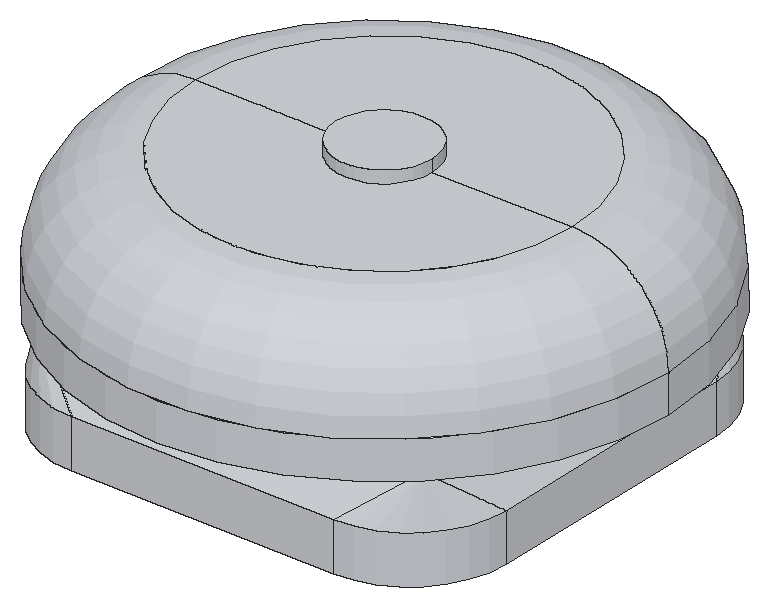
Revit family "66a965baec1447179909d6848453207c", category Communication Devices, host Face, Revit 2021
Family settings
  Host = Face
  Maintain Annotation Orientation = Yes
  Round Connector Dimension = Use Diameter
  Part Type = Normal
  OmniClass Number = 23.85.10.11.11.11
  OmniClass Title = Bells, Carillons, Single Units
  Seek Item ID = Bell-0000-USA-ENU
  Cut with Voids When Loaded = No
  Shared = No
  Room Calculation Point = No
Parameters (values of type "Standard")
  Bell Material = none
  Default Elevation = 4' - 0"
Reference planes (in)
  plane 1 "Center (Front/Back)": y = 0
  plane 2: z = 0
  plane 3 "Center (Left/Right)": x = 0
  plane 4: z = -1.79
  plane 5: z = 2.52
  plane 6: x = -2.955
  plane 7: x = 2.955
  plane 8: z = 1
  plane 9: z = 0.5
  plane 10: z = -1
Forms (in)
  Revolve 1, solid, material <- "Bell Material"
    sketch origin (0, 0, 0) x (1, 0, 0) y (0, 0, 1)
      loop
        arc (-1.955, 2.395) -> (-2.66211, 2.10211) -> (-2.955, 1.395) r 1
        line (-2.955, 1.395) -> (-2.955, 1) -> (0, 1) -> (0, 2.395) -> (-1.955, 2.395)
      axis (0, 2.395) -> (0, 1)
    angle from 0 to 360
  Extrusion 2, solid, material <- "Bell Material"
    sketch origin (0, 0, 0) x (1, 0, 0) y (0, 1, 0)
      loop
        arc (-1.36, 2.36) -> (-2.06711, 2.06711) -> (-2.36, 1.36) r 1
        line (-2.36, 1.36) -> (-2.36, -1.36)
        arc (-2.36, -1.36) -> (-2.06711, -2.06711) -> (-1.36, -2.36) r 1
        line (-1.36, -2.36) -> (1.36, -2.36)
        arc (1.36, -2.36) -> (2.06711, -2.06711) -> (2.36, -1.36) r 1
        line (2.36, -1.36) -> (2.36, 1.36)
        arc (2.36, 1.36) -> (2.06711, 2.06711) -> (1.36, 2.36) r 1
        line (1.36, 2.36) -> (-1.36, 2.36)
    from 0 to 0.5
  Blend 3, solid, material <- "Bell Material"
    base sketch origin (0, 0, 0) x (1, 0, 0) y (0, 1, 0)
      loop
        line (1.36, 2.36) -> (-1.36, 2.36)
        arc (-1.36, 2.36) -> (-2.06711, 2.06711) -> (-2.36, 1.36) r 1
        line (-2.36, 1.36) -> (-2.36, -1.36)
        arc (-2.36, -1.36) -> (-2.06711, -2.06711) -> (-1.36, -2.36) r 1
        line (-1.36, -2.36) -> (1.36, -2.36)
        arc (1.36, -2.36) -> (2.06711, -2.06711) -> (2.36, -1.36) r 1
        line (2.36, -1.36) -> (2.36, 1.36)
        arc (2.36, 1.36) -> (2.06711, 2.06711) -> (1.36, 2.36) r 1
    top sketch origin (0, 0, 0) x (1, 0, 0) y (0, 1, 0)
      loop
        line (-2, 2) -> (-2, -2) -> (2, -2) -> (2, 2) -> (-2, 2)
    from 0.5 to 1
  Extrusion 4, solid, material <- "Bell Material"
    sketch origin (0, 0, 0) x (1, 0, 0) y (0, 1, 0)
      loop
        circle (0, 0) r 0.5
    from 2.395 to 2.52
Cuts and joins
  joined: Revolve 1, Extrusion 2, Blend 3
Lines and regions (in)
  symbolic lines, detail levels fine
    curve 1: line (-2.955, 0, 1) -> (2.955, 0, 1)
    curve 2: line (-2.955, 0, 1.395) -> (-2.955, 0, 1)
    curve 3: line (-1.955, 0, 2.395) -> (1.955, 0, 2.395)
    curve 4: line (2.955, 0, 1.395) -> (2.955, 0, 1)
    curve 5: arc (-1.955, 0, 2.395) -> (-2.66211, 0, 2.10211) -> (-2.955, 0, 1.395) r 1
    curve 6: arc (1.955, 0, 2.395) -> (2.66211, 0, 2.10211) -> (2.955, 0, 1.395) r 1
    curve 7: line (-2.36, 0, 0) -> (2.36, 0, 0)
    curve 8: line (-0.5, 0, 2.52) -> (0.5, 0, 2.52)
    curve 9: line (0.5, 0, 2.52) -> (0.5, 0, 2.395)
    curve 10: line (-0.5, 0, 2.52) -> (-0.5, 0, 2.395)
    curve 11: line (-2.36, 0, 0) -> (2.36, 0, 0)
    curve 12: line (-2.36, 0, 0.5) -> (2.36, 0, 0.5)
    curve 13: line (-2.36, 0, 0.5) -> (-2.36, 0, 0)
    curve 14: line (2.36, 0, 0.5) -> (2.36, 0, 0)
    curve 15: line (2.36, 0, 0.5) -> (2, 0, 1)
    curve 16: line (-2, 0, 1) -> (-2.36, 0, 0.5)
Dimensions and locks (in)
  locked: plane 5 to plane 2 at 2.52
  locked: plane 2 to plane 4 at 1.79
  locked: plane 8 to plane 2 at 1
  equal spacing: plane 8, plane 9, plane 2
  locked: plane 2 to plane 10 at 1
  equal spacing: plane 6, plane 3 "Center (Left/Right)", plane 7
  locked: plane 6 to plane 7 at 5.91
  equal spacing: Extrusion 2 sketch curve, plane 1 "Center (Front/Back)", Extrusion 2 sketch curve
  locked: Extrusion 2 sketch curve to Extrusion 2 sketch curve at 4.72  (x2)
  equal spacing: Extrusion 2 sketch curve, plane 3 "Center (Left/Right)", Extrusion 2 sketch curve
  radius of Extrusion 4 sketch curve = 0' - 0 1/2"
  aligned and locked: plane 2 to host face
  aligned and locked: level to host face
  aligned and locked: plane 8 to Revolve 1 sketch curve
  aligned: plane 8 to Extrusion 2
  aligned: Extrusion 2 to plane 9
  aligned and locked: Extrusion 2 to level
  aligned and locked: curve 7 to Extrusion 2
  aligned and locked: plane 3 "Center (Left/Right)" to nested 1
  aligned and locked: plane 1 "Center (Front/Back)" to nested 1
  aligned and locked: plane 9 to Extrusion 2
  aligned and locked: Blend 3 to plane 9
  aligned and locked: Blend 3 sketch curve to Extrusion 2  (x4)
  aligned and locked: plane 1 "Center (Front/Back)" to Extrusion 4 sketch curve
  aligned and locked: plane 3 "Center (Left/Right)" to Extrusion 4 sketch curve
  aligned and locked: curve 3 to Extrusion 4
  aligned and locked: plane 5 to Extrusion 4
  aligned and locked: curve 12 to cut or joined group of Revolve 1, Extrusion 2, Blend 3
Automatic sketch dimensions
  host sketch curve to host sketch curve = 8' - 0"  (x2)
  plane 6 to Revolve 1 sketch curve = 0' - 0"
  Revolve 1 sketch curve to plane 3 "Center (Left/Right)" = 0' - 0"  (x2)
  plane 8 to Revolve 1 sketch curve = 0' - 0.395"
  plane 9 to Revolve 1 sketch curve = 0' - 0.12309"
  plane 5 to Revolve 1 sketch curve = 0' - 0.59319"
  Extrusion 2 sketch curve to plane 3 "Center (Left/Right)" = 0' - 1.36"
  Extrusion 2 sketch curve to Extrusion 2 sketch curve = 0' - 1"
  plane 3 "Center (Left/Right)" to Extrusion 2 sketch curve = 0' - 1.36"  (x2)
  Blend 3 sketch curve to plane 3 "Center (Left/Right)" = 0' - 2"
  plane 3 "Center (Left/Right)" to Blend 3 sketch curve = 0' - 2"
  plane 1 "Center (Front/Back)" to Blend 3 sketch curve = 0' - 2"
  Blend 3 sketch curve to plane 1 "Center (Front/Back)" = 0' - 2"
  Revolve 1 sketch curve to plane 6 = 0' - 1"
  plane 6 to curve 1 = 0' - 0"
  curve 10 to plane 5 = 0' - 0"
  curve 4 to plane 7 = 0' - 0"
  curve 13 to plane 6 = 0' - 0.595"
  plane 8 to curve 5 = 0' - 0.395"
  curve 10 to plane 3 "Center (Left/Right)" = 0' - 0 1/2"
  plane 3 "Center (Left/Right)" to curve 8 = 0' - 0 1/2"
  curve 6 to plane 7 = 0' - 1"
  curve 6 to curve 15 = 0' - 0.045"
  curve 15 to plane 7 = 0' - 0.595"
  curve 16 to plane 8 = 0' - 0"
  curve 16 to curve 5 = 0' - 0.045"
Nested families (in)
  nested 1: "Bell Annotation" at (0, 0, 0), type "Bell Annotation", detail levels coarse+medium
Connectors (in)
  electrical at (0, 0, 0)
    settings: on cut or joined group of Revolve 1, Extrusion 2, Blend 3, index 1, voltage 0 V, apparent load 0 VA, apparent load phase1 0 VA, apparent load phase2 0 VA, apparent load phase3 0 VA, power factor 1, load classification "Other", number of poles 1, system type 14, power factor state 1, is connector primary yes, connector utility no, sub classification motor no, connector description ""
Definition of nested family "Bell Annotation"
  Parameters
    Label Annotation = "B"
  Reference planes (in)
    plane 1: y = 0
    plane 2: x = 0
  Lines and regions (in)
    reference lines
      curve 1: line (-0.08594, 0.2277, 0) -> (-0.08594, -0.28638, 0)
      curve 2: line (0.08594, 0.29601, 0) -> (0.08594, -0.28638, 0)
      curve 3: line (-0.2699, 0.17188, 0) -> (0.35142, 0.17188, 0)
      curve 4: line (-0.37147, 0, 0) -> (0.37853, 0, 0)
      curve 9: line (-0.31411, 0.21875, 0) -> (0.35142, 0.21875, 0)
    detail lines
      curve 5: line (-0.08594, 0.17188, 0) -> (0.08594, 0.17188, 0)
      curve 6: line (-0.08594, 0, 0) -> (-0.08594, 0.17188, 0)
      curve 7: line (0.08594, 0, 0) -> (-0.08594, 0, 0)
      curve 8: line (0.08594, 0.17188, 0) -> (0.08594, 0, 0)
      curve 10: circle (0, 0.21875, 0) r 0.04688 normal (0, 0, 1)
  Text (in)
    label "B" at (-0.04151, 0.06746, 0), shows "Label Annotation"
  Dimensions and locks (in)
    locked: curve 1 to plane 2 at 0.08594
    locked: plane 2 to curve 2 at 0.08594
    locked: curve 4 to curve 3 at 0.17188
    locked: curve 4 to plane 1
    locked: curve 3 to curve 9 at 0.04688
    radius of curve 10 = 0' - 0 3/64"
    aligned and locked: curve 3 to curve 5
    aligned and locked: curve 6 to curve 1
    aligned and locked: curve 7 to curve 4
    aligned and locked: curve 2 to curve 8
